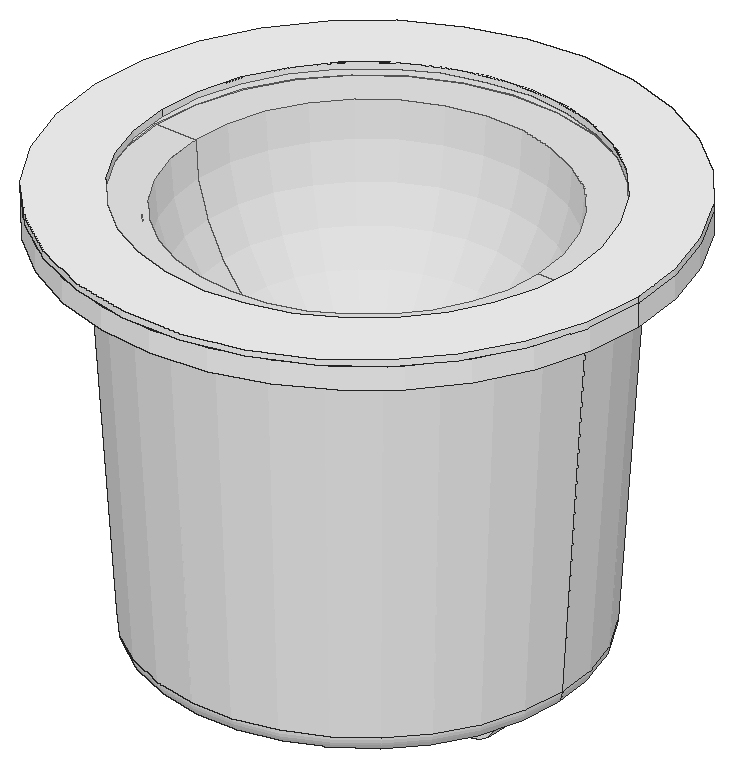
Revit family "2058883 Feilo Sylvania Lighting Fixture MYRD IP ST 2-7K DALIEM BLK WBEZ", category Lighting Fixtures, host Face, Revit 2017
Family settings
  Host = Face
  Round Connector Dimension = Use Diameter
  Part Type = Normal
  OmniClass Number = 23.80.70.11.17
  OmniClass Title = Specialized Lighting by Location or Use
  Cut with Voids When Loaded = No
  Light Source = Yes
  Shared = No
  Room Calculation Point = No
Parameters
  Weight = "1.44 kg"
  Wattage = 15 W
  WarrantyStartDate [instance] = "n/a"
  WarrantyGuarantorParts = "n/a"
  WarrantyDurationUnit = "n/a"
  WarrantyDurationParts = "n/a"
  WarrantyDescription = "n/a"
  built-in parameter 1150110 = 1 (stored number, unit not read)
  Voltage = 230 V
  URL = "http://www.sylvania-lighting.com"
  TypeName = "MYRD IP ST 2.7K DALIEM BLK WBEZ"
  Type Image = 0
  Type Comments = ""
  built-in parameter 1114217 = 1 (stored number, unit not read)
  Tilt Angle = -90°
  built-in parameter 1150109 = 1 (stored number, unit not read)
  built-in parameter 1150134 = (empty or 0)
  built-in parameter 1150113 = 1 (stored number, unit not read)
  SerialNumber [instance] = "n/a"
  Reflector Radius = Cutout Diameter / 2 - 2.5 mm  # 35.0 mm
  Reflector Material = Aluminum_Sylvania_Myriad_Bright
  Recessed Depth = Height  # 72.0 mm
  PowerFactor = 0
  PowerConsumption = "15 W"
  Photometric Web File = ""
  NominalWidth = 0.0 mm
  NominalLength = 76.0 mm
  NominalHeight = 72.0 mm
  Name = "MYRD IP ST 2.7K DALIEM BLK WBEZ"
  ModelReference = "MYRD IP ST 2.7K DALIEM BLK WBEZ"
  ModelNumber = "2058883"
  Material = "Aluminium"
  ManufacturerName = "Feilo Sylvania"
  LuminousEfficacy = "70 lm/W"
  LuminaireType = "Ceiling recessed"
  LightOutputRatio = "1"
  LampsType = Lamp  # "LED"
  LampNominalLuminous = "1046 lm"
  LampMacAdamStep = "n/a"
  LampColourTemperature = "2700 K"
  LampColourRenderingIndex = "n/a"
  Keynote = "16500"
  Keynote_2 = "16500"
  InstallationDate [instance] = "n/a"
  InputVoltage = "230-240V~"
  InputNominalFrequency = "50/60 Hz"
  IngressProtection = "IP65"
  ImpactProtectionIndex = "IK02"
  IfcExportType = "IfcLightFixtureType"
  IfcExportAs = "IfcLightFixtureType"
  Height = 72.0 mm  # constant formula
  ExpectedLife = 50000
  Emit from Circle Diameter = Accessory Inner Diameter 2  # 68.0 mm
  Emit Shape Visible in Rendering = no
  ElectricShockClassification = "Class II"
  DurationUnit = "hours"
  DocumentationLiterature = "http://www.sylvania-lighting.com/product/en-int/products/2058883"
  DimmingControlOptions = "Dimmable"
  Diffuser Material = Glass_Sylvania_Myriad_Clear_4000K
  Diffuser Diameter = Cutout Diameter  # 75.0 mm
  Cutout Diameter = 75.0 mm  # constant formula
  CreatedOn = "03-11-2017"
  CreatedBy = ""
  Cost = 0
  built-in parameter 1114216 [instance] = 1 (stored number, unit not read)
  built-in parameter 1150142 = (empty or 0)
  Model = "MYRD IP ST 2.7K DALIEM BLK WBEZ"
  Manufacturer = "Feilo Sylvania"  # constant formula
  built-in parameter 1150105 = 83.556 (stored number, unit not read)
  Lumens = 1050 lm
  built-in parameter 1150115 = 1 (stored number, unit not read)
  built-in parameter 1150137 = (empty or 0)
  built-in parameter 1150139 = (empty or 0)
  built-in parameter 1150112 = 1 (stored number, unit not read)
  built-in parameter 1150114 = 1 (stored number, unit not read)
  Lamp = "LED"
  built-in parameter 1150132 = (empty or 0)
  built-in parameter 1150102 = (empty or 0)
  built-in parameter 1150107 = 2700 (stored number, unit not read)
  built-in parameter 1150138 = (empty or 0)
  built-in parameter 1150106 = 0.83556 (stored number, unit not read)
  built-in parameter 1150104 = 6.5032 (stored number, unit not read)
  Dimming Lamp Color Temperature Shift = (empty or 0)
  Description = "Supplied complete with electronic control gear Compact Fluorescent low energy downlight Emergency version passes through the cut out Ideal for low level orientation lighting New range of Architectural accessories each providing a different lit dimension New completely flush plaster up accessory ring for clean ceiling lines and smooth finish Order lamp separately"  # constant formula
  Default Elevation = 0.0 mm
  Color Filter = 16777215
  built-in parameter 1140040 [instance] = 1
  Body Radius = Reflector Radius + 1.5 mm  # 36.5 mm
  Body Material = Aluminum_Sylvania_Myriad_Gray
  BarCode [instance] = "n/a"
  built-in parameter 1114218 = 1 (stored number, unit not read)
  built-in parameter 1150133 = 10 (stored number, unit not read)
  AssetType = "Fixed"
  AssetIdentifier [instance] = "n/a"
  Assembly Code = "D5020200"
  Apparent Load = 15 VA
  Accessory Material = Aluminum_Sylvania_Myriad_White
  Accessory Inner Diameter 2 = Accessory Diameter - 22.0 mm  # 68.0 mm
  Accessory Inner Diameter 1 = Accessory Diameter - 2.0 mm  # 88.0 mm
  Accessory Diameter = Cutout Diameter + 15.0 mm  # 90.0 mm
Reference planes
  plane 1 "Center (Front/Back)": y = 0
  plane 2: z = 0
  plane 3 "Center (Left/Right)": x = 0
  plane 4: z = 2
  plane 5 "Fixture Bottom": z = 4.5
  plane 6: z = -28.5
  plane 7: z = -61.5
  plane 8 "Fixture Top": z = -67.5
  plane 9: z = 3.5
Forms (mm)
  Revolve 1, solid, material "Aluminum_Sylvania_Myriad_Bright" <- "Reflector Material", detail levels fine
    sketch origin (0, 0, 0) x (1, 0, 0) y (0, 0, 1)
      loop
        line (0, -27.515) -> (-6, -27.515)
        arc (-6, -27.515) -> (-22.333, -16.632) -> (-28.5, 2) r 30.135
        line (-28.5, 2) -> (-35, 2) -> (-35, 0) -> (-29.184, 0)
        arc (-29.184, 0) -> (-22.423, -18.18) -> (-6, -28.5) r 30.204
        line (-6, -28.5) -> (0, -28.5) -> (0, -27.515)
      axis (0, -28.5) -> (0, 2)
    angle from 0 to 360
  Revolve 2, solid, material "Aluminum_Sylvania_Myriad_Gray" <- "Body Material", detail levels fine
    sketch origin (0, 0, 0) x (1, 0, 0) y (0, 0, 1)
      loop
        line (-44, 2) -> (-44, 0) -> (-36.5, 0) -> (-32.42, -58.708)
        arc (-32.42, -58.708) -> (-31.474, -60.694) -> (-29.428, -61.5) r 3
        line (-29.428, -61.5) -> (0, -61.5) -> (0, -28.5) -> (-6, -28.5)
        arc (-6, -28.5) -> (-22.423, -18.18) -> (-29.184, 0) r 30.204
        line (-29.184, 0) -> (-35, 0) -> (-35, 2) -> (-44, 2)
      axis (0, 2) -> (0, -61.5)
    angle from 0 to 360
  Extrusion 3, solid, material "Aluminum_Sylvania_Myriad_Gray" <- "Body Material", detail levels fine
    sketch origin (0, 0, 0) x (1, 0, 0) y (0, 0, 1)
      loop
        line (-13.5, -67.5) -> (21, -67.5)
        arc (21, -67.5) -> (23.828, -66.328) -> (25, -63.5) r 4
        line (25, -63.5) -> (25, -61.5) -> (-17.5, -61.5) -> (-17.5, -63.5)
        arc (-17.5, -63.5) -> (-16.328, -66.328) -> (-13.5, -67.5) r 4
    from -4.5 to 4.5
  Extrusion 4, solid, material "Aluminum_Sylvania_Myriad_White" <- "Accessory Material", detail levels fine
    sketch origin (0, 0, 0) x (1, 0, 0) y (0, 1, 0)
      loop
        circle (0, 0) r 45
      loop
        circle (0, 0) r 44
    from 0 to 3.5
  Extrusion 5, solid, material "Aluminum_Sylvania_Myriad_White" <- "Accessory Material", detail levels fine
    sketch origin (0, 0, 0) x (1, 0, 0) y (0, 1, 0)
      loop
        circle (0, 0) r 45
      loop
        circle (0, 0) r 34
    from 3.5 to 4.5
  Extrusion 6, solid, material "Aluminum_Sylvania_Myriad_White" <- "Accessory Material", detail levels coarse+medium
    sketch origin (0, 0, 0) x (1, 0, 0) y (0, 1, 0)
      loop
        circle (0, 0) r 45
    from 0 to 4.5
  Revolve 7, solid, detail levels coarse+medium
    sketch origin (0, 0, 0) x (1, 0, 0) y (0, 0, 1)
      loop
        line (36.5, 0) -> (0, 0) -> (0, -61.5) -> (32.226, -61.5) -> (36.5, 0)
      axis (0, 0) -> (0, -61.5)
    angle from 0 to 360
  Extrusion 8, void
    sketch origin (0, 0, 0) x (1, 0, 0) y (0, 1, 0)
      loop
        circle (0, 0) r 37.5
    from -67.5 to 0
  Extrusion 9, solid, material "Glass_Sylvania_Myriad_Clear_4000K" <- "Diffuser Material", detail levels fine
    sketch origin (0, 0, 0) x (1, 0, 0) y (0, 1, 0)
      loop
        circle (0, 0) r 37.5
    from 2 to 3.5
Cuts and joins
  joined: Extrusion 4, Extrusion 5
Lines and regions (mm)
  Masking region 1
    outline origin (0, 0, 0) x (1, 0, 0) y (0, 1, 0)
      loop
        circle (0, 0) r 45
  symbolic lines
    curve 1: arc (-34, 0, 0) -> (0, 34, 0) -> (34, 0, 0) r 34
    curve 2: arc (34, 0, 0) -> (0, -34, 0) -> (-34, 0, 0) r 34
Dimensions and locks
  locked: plane 7 to plane 8 "Fixture Top" at 6
  "Body Radius": Revolve 7 sketch curve to plane 3 "Center (Left/Right)"
  locked: Revolve 7 sketch curve to Revolve 7 sketch curve at 4.274
  plane 5 "Fixture Bottom" to plane 9 to plane 4 to plane 2 to plane 6 = 1.0 mm locked, 1.5 mm locked, 2.0 mm locked, 28.5 mm locked
  "Reflector Radius": Revolve 1 sketch curve to plane 3 "Center (Left/Right)"
  Revolve 1 sketch curve to Revolve 1 sketch curve to Revolve 1 sketch curve to Revolve 1 sketch curve = 6.5 mm locked, 22.5 mm locked, 0.0 mm locked
  "Reflector Radius": plane 3 "Center (Left/Right)" to Revolve 2 sketch curve
  Revolve 2 sketch curve to Revolve 2 sketch curve to Revolve 2 sketch curve = 7.5 mm locked, 1.5 mm locked
  Revolve 2 sketch curve to Revolve 2 sketch curve to Revolve 2 sketch curve = 5.816 mm locked, 23.184 mm locked
  Revolve 2 sketch curve to Revolve 2 sketch curve to Revolve 2 sketch curve = 2.58 mm locked, 2.993 mm locked
  "Accessory Diameter": diameter of Extrusion 4 sketch curve
  "Accessory Inner Diameter 1": diameter of Extrusion 4 sketch curve
  "Accessory Diameter": diameter of Extrusion 5 sketch curve
  "Accessory Diameter": diameter of Extrusion 6 sketch curve
  "Cutout Diameter": diameter of Extrusion 8 sketch curve
  "Accessory Inner Diameter 2": diameter of Extrusion 5 sketch curve
  "Diffuser Diameter": diameter of Extrusion 9 sketch curve
  aligned and locked: plane 2 to host face
  aligned and locked: level to host face
  aligned and locked: plane 1 "Center (Front/Back)" to imposter light
  aligned and locked: plane 3 "Center (Left/Right)" to imposter light
  aligned and locked: Revolve 1 sketch curve to imposter light
  aligned and locked: Extrusion 3 sketch curve to plane 8 "Fixture Top"
  aligned and locked: plane 7 to Extrusion 3 sketch curve
  aligned and locked: Extrusion 4 to plane 2
  aligned and locked: plane 9 to Extrusion 4
  aligned and locked: Extrusion 5 to plane 9
  aligned and locked: plane 5 "Fixture Bottom" to Extrusion 5
  aligned and locked: Extrusion 6 to plane 2
  aligned and locked: plane 5 "Fixture Bottom" to Extrusion 6
  aligned and locked: Extrusion 8 to plane 8 "Fixture Top"
  aligned and locked: plane 2 to Extrusion 8
  aligned and locked: Masking region 1 sketch curve to Extrusion 6  (x2)
  aligned and locked: Extrusion 9 to plane 4
  aligned and locked: plane 9 to Extrusion 9
  aligned and locked: plane 4 to Revolve 2 sketch curve
  aligned and locked: Revolve 2 sketch curve to plane 2
  aligned and locked: curve 1 to cut or joined group of Extrusion 4, Extrusion 5
  aligned and locked: curve 2 to cut or joined group of Extrusion 4, Extrusion 5
  aligned and locked: imposter light to plane 5 "Fixture Bottom"
Automatic sketch dimensions
  host sketch curve to host sketch curve = 1305.563 mm
  host sketch curve to host sketch curve = 1283.632 mm
  Extrusion 3 sketch curve to plane 7 = 2.0 mm
  Extrusion 3 sketch curve to plane 3 "Center (Left/Right)" = 13.5 mm
  plane 3 "Center (Left/Right)" to Extrusion 3 sketch curve = 21.0 mm
  Extrusion 3 sketch curve to Extrusion 3 sketch curve = 4.0 mm
  Revolve 1 sketch curve to level = 0.0 mm
  Revolve 1 sketch curve to plane 3 "Center (Left/Right)" = 0.0 mm
  Revolve 1 sketch curve to plane 6 = 0.0 mm
  Revolve 1 sketch curve to plane 4 = 0.0 mm
  Revolve 1 sketch curve to Revolve 1 sketch curve = 0.684 mm
  level to Revolve 1 sketch curve = 0.88 mm
  Revolve 1 sketch curve to plane 4 = 0.363 mm
  Revolve 1 sketch curve to Revolve 1 sketch curve = 0.625 mm
  Revolve 1 sketch curve to plane 8 "Fixture Top" = 232.8 mm
  plane 5 "Fixture Bottom" to Revolve 1 sketch curve = 291.243 mm
  Revolve 2 sketch curve to plane 3 "Center (Left/Right)" = 0.0 mm  (x2)
  Revolve 2 sketch curve to plane 7 = 0.0 mm
  Revolve 2 sketch curve to plane 6 = 0.0 mm
  Revolve 2 sketch curve to level = 0.0 mm
  level to Revolve 2 sketch curve = 0.88 mm
  plane 7 to Revolve 2 sketch curve = 2.792 mm
  Revolve 2 sketch curve to plane 8 "Fixture Top" = 304.774 mm
  plane 5 "Fixture Bottom" to Revolve 2 sketch curve = 1137.105 mm
  Extrusion 4 sketch curve to Extrusion 4 sketch curve = 0.0 mm  (x2)
  plane 1 "Center (Front/Back)" to Extrusion 4 sketch curve = 0.0 mm
  Extrusion 4 sketch curve to plane 3 "Center (Left/Right)" = 0.0 mm
  Extrusion 5 sketch curve to Extrusion 5 sketch curve = 0.0 mm  (x2)
  plane 1 "Center (Front/Back)" to Extrusion 5 sketch curve = 0.0 mm
  Extrusion 5 sketch curve to plane 3 "Center (Left/Right)" = 0.0 mm
  plane 1 "Center (Front/Back)" to Extrusion 6 sketch curve = 0.0 mm
  Extrusion 6 sketch curve to plane 3 "Center (Left/Right)" = 0.0 mm
  Revolve 7 sketch curve to level = 0.0 mm
  Revolve 7 sketch curve to plane 3 "Center (Left/Right)" = 0.0 mm  (x2)
  Revolve 7 sketch curve to plane 7 = 0.0 mm
  Revolve 7 sketch curve to plane 8 "Fixture Top" = 304.774 mm
  plane 5 "Fixture Bottom" to Revolve 7 sketch curve = 43.226 mm
  plane 1 "Center (Front/Back)" to Extrusion 8 sketch curve = 0.0 mm
  Extrusion 8 sketch curve to plane 3 "Center (Left/Right)" = 0.0 mm
  plane 1 "Center (Front/Back)" to Extrusion 9 sketch curve = 0.0 mm
  Extrusion 9 sketch curve to plane 3 "Center (Left/Right)" = 0.0 mm
Connectors
  electrical at (-0.006, -0.019, -67.5), driven by "Apparent Load", driven by "Apparent Load"
    settings: on plane 8 "Fixture Top", index 1, voltage 230 V, apparent load 15 VA, apparent load phase1 15 VA, apparent load phase2 0 VA, apparent load phase3 0 VA, power factor 1, load classification "Lighting", number of poles 1, system type 30, power factor state 1, is connector primary yes, connector utility no, sub classification motor no, connector description ""
